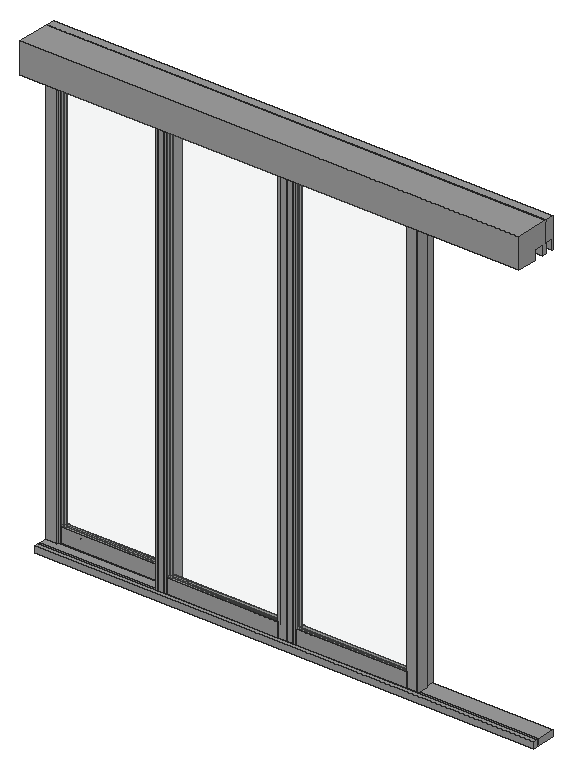
Revit family "agtatec_Record_SldngDrset_THERMCORD-D-STA_CurtainWallPanel", category Curtain Panels, Revit 2015 (continued)
Definition of nested family "THERMCORD D-STA"
  Definition of nested family "Outer Panel Right"
    Automatic sketch dimensions
      level to Extrusion 5 sketch curve = 5 mm
      Extrusion 5 sketch curve to Extrusion 5 sketch curve = 33 mm  (x2)
      plane 9 "Above" to Extrusion 5 sketch curve = 11 mm  (x2)
      Extrusion 5 sketch curve to Extrusion 5 sketch curve = 2.5 mm
      Extrusion 5 sketch curve to Extrusion 5 sketch curve = 5 mm
      Extrusion 5 sketch curve to plane 9 "Above" = 5 mm
      plane 1 "Center (Front/Back)" to Masking region 1 sketch curve = 0 mm
      Masking region 1 sketch curve to Masking region 1 sketch curve = 38 mm
      Masking region 1 sketch curve to plane 12 = 0 mm  (x2)
      Masking region 1 sketch curve to plane 13 = 0 mm
      plane 1 "Center (Front/Back)" to curve 2 = 0 mm
      plane 1 "Center (Front/Back)" to curve 1 = 0 mm
      curve 4 to curve 1 = 4 mm
      curve 3 to curve 4 = 30 mm
      curve 1 to curve 3 = 4 mm
      curve 2 to curve 3 = 4 mm
Types (9, lengths in mm): name | WithoutSidePanels | WithSidePanels | TotalWidth | TotalHeight | Type Comments | RightPanel | NominalWidth | NominalHeight | Name | LeftPanel | Keynote | IssueDate | InterlancingProfile1 | DriveUnitHeight
  (no name) | no | no | 1900.5 | 2300 | "" | no | 1900.5 | 2300 | "SldngDrset_THERMCORD-D-STA_CurtainWallPanel_Record" | yes | "" | "" | no | 150
  THERMCORD D-STA 150mm drive unit height side panel left | no | no | 1900.5 | 2300 | "" | no | 1900.5 | 2300 | "SldngDrset_THERMCORD-D-STA_CurtainWallPanel_Record" | yes | "" | "" | no | 150
  THERMCORD D-STA 150mm drive unit height side panel right | no | no | 1900.5 | 2300 | "" | yes | 1900.5 | 2300 | "SldngDrset_THERMCORD-D-STA_CurtainWallPanel_Record" | no | "" | "" | no | 150
  THERMCORD D-STA 150mm drive unit height with two side panels | no | yes | 2492 | 2300 | "n/a" | yes | 2492 | 2300 | "SldngDrset_THERMCORD-D-STA_CurtainWallpanel_Record" | yes | "n/a" | "n/a" | yes | 150
  THERMCORD D-STA 150mm drive unit height without side panels | yes | no | 1309 | 2300 | "" | no | 1309 | 2300 | "SldngDrset_THERMCORD-D-STA_CurtainWallPanel_Record" | no | "" | "" | no | 150
  THERMCORD D-STA 200mm drive unit height side panel left | no | no | 1900.5 | 2350 | "" | no | 1900.5 | 2350 | "SldngDrset_THERMCORD-D-STA_CurtainWallPanel_Record" | yes | "" | "" | no | 200
  THERMCORD D-STA 200mm drive unit height side panel right | no | no | 1900.5 | 2350 | "" | yes | 1900.5 | 2350 | "SldngDrset_THERMCORD-D-STA_CurtainWallPanel_Record" | no | "" | "" | no | 200
  THERMCORD D-STA 200mm drive unit height with two side panels | no | yes | 2492 | 2350 | "" | yes | 2492 | 2350 | "SldngDrset_THERMCORD-D-STA_CurtainWallPanel_Record" | yes | "" | "" | yes | 200
  THERMCORD D-STA 200mm drive unit height without side panels | yes | no | 1309 | 2350 | "" | no | 1309 | 2350 | "SldngDrset_THERMCORD-D-STA_CurtainWallPanel_Record" | no | "" | "" | no | 200
